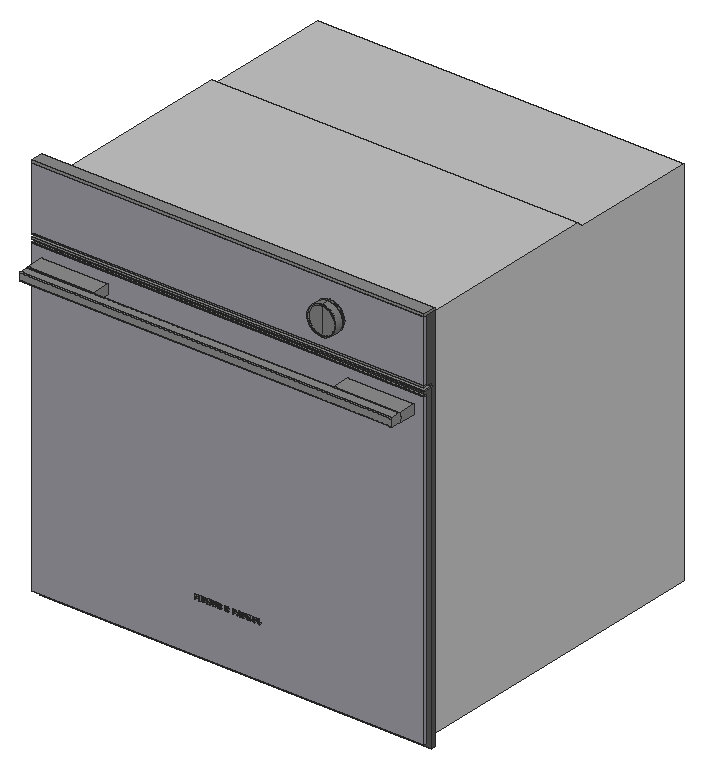
Revit family "FP-Revit19-en-OB60SM16PLG1-WallOven-0-90003130A-AU-NZ-CN-IE-UK", category Specialty Equipment, Revit 2019
Family settings
  Round Connector Dimension = Use Diameter
  Part Type = Normal
  OmniClass Number = 23.40.40.14.17.11
  OmniClass Title = Cookers, Ovens, Stoves
  Work Plane-Based = No
  Always vertical = Yes
  Cut with Voids When Loaded = Yes
  Shared = No
  Room Calculation Point = No
Parameters (values of type "OB60SM16PLG1")
  Visibility - Clearance Required = yes
  URL = "www.fisherpaykel.com"
  Product - Height = 598 mm  # constant formula
  Product - Width = 596 mm  # constant formula
  Product - Depth (Exc. Handles) = 565 mm  # constant formula
  Opening - Height = 600 mm  # constant formula
  Model = "OB60SM16PLG1"
  Material - Trim = Fisher & Paykel - Aluminium, Dark
  Material - Structure = Fisher & Paykel - Black
  Material - Handle = Fisher & Paykel - Aluminium, Dark
  Material - Glass = Fisher & Paykel - Glass, Grey
  Material - Dial = Fisher & Paykel - Aluminium, Dark, Matt
  Material - Body = Fisher & Paykel - Grey
  Manufacturer = "Fisher & Paykel Appliances"
  FFL Offset [instance] = 900 mm
  Description = "Oven, 60cm , 16 Function, Self - Cleaning"
  Connector Description - Electrical = "220-240V, 50Hz ,15A"
  Chassis - Width = 556 mm  # constant formula
  Chassis - Height = 575 mm  # constant formula
  Chassis - Depth = 545 mm  # constant formula
  Cavity - Width = 560 mm  # constant formula
  Cavity - Height = 580 mm  # constant formula
  Cavity - Depth = 550 mm  # constant formula
Reference planes
  plane 1 "Datum": y = 0
  plane 2: z = -2
  plane 3 "Center (Left/Right)": x = 0
  plane 4 "Product - LHS": x = -298
  plane 5 "Product - RHS": x = 298
  plane 6 "Cavity - RHS": x = 280
  plane 7 "FFL Offset": z = 898
  plane 8 "Chassis - Depth": y = 545
  plane 9 "Front Face": y = -20
  plane 10 "Chassis - Height": z = 1473
  plane 11 "Cavity - Height": z = 1478
  plane 12 "Opening - Height": z = 1498
  plane 13 "Cavity - LHS": x = -280
  plane 14 "Cavity - Depth": y = 550
  plane 15 "Product - Height": z = 1496
  plane 16 "Opening - RHS": x = 300
  plane 17 "Opening - LHS": x = -300
  plane 18 "Chassis - LHS": x = -278
  plane 19 "Chassis - RHS": x = 278
Forms (mm)
  Extrusion 1, solid, material "Fisher & Paykel - Grey" <- "Material - Body"
    sketch origin (0, 0, 0) x (0, 1, 0) y (0, 0, 1)
      loop
        line (0, 1473) -> (0, 898) -> (528, 898) -> (528, 1088) -> (545, 1108) -> (545, 1303) -> (498, 1358) -> (498, 1466) -> (305, 1466) -> (298, 1473) -> (0, 1473)
    from -278 to 278
  Extrusion 2, solid, material "Fisher & Paykel - Black" <- "Material - Structure", detail levels fine
    sketch origin (0, 0, 0) x (0, 1, 0) y (0, 0, 1)
      loop
        line (0, 1492.7) -> (-16, 1492.7) -> (-16, 1396) -> (-4, 1396) -> (-4, 898) -> (0, 898) -> (0, 1492.7)
    from -298 to 298
  Extrusion 3, solid, material "Fisher & Paykel - Glass, Grey" <- "Material - Glass", detail levels fine
    sketch origin (0, 0, -3) x (0, 1, 0) y (0, 0, 1)
      loop
        line (-20, 1386.4) -> (-20, 912.5) -> (-16, 912.5) -> (-16, 1386.4) -> (-20, 1386.4)
      loop
        line (-20, 1400.8) -> (-16, 1400.8) -> (-16, 1495.7) -> (-20, 1495.7) -> (-20, 1400.8)
    from -298 to 298
  Extrusion 4, solid, material "Fisher & Paykel - Black" <- "Material - Structure", detail levels fine
    sketch origin (0, 0, 0) x (0, 1, 0) y (0, 0, 1)
      loop
        line (-16, 909.5) -> (-4, 909.5) -> (-4, 1380.364) -> (-13.99, 1384) -> (-16, 1384) -> (-16, 909.5)
    from -268 to 268
  Extrusion 5, solid, material "Fisher & Paykel - Clearance Required", visible <- "Visibility - Clearance Required", detail levels coarse
    sketch origin (0, 0, -2) x (1, 0, 0) y (0, 1, 0)
      loop
        line (-280, 0) -> (280, 0) -> (280, 550) -> (-280, 550) -> (-280, 0)
    from 900 to 1480
  Extrusion 6, void
    sketch origin (0, 0, 0) x (0, 1, 0) y (0, 0, 1)
      loop
        line (-20, 898) -> (0, 898) -> (0, 1498) -> (-20, 1498) -> (-20, 898)
    from -300 to 300
  Extrusion 7, solid, material "Fisher & Paykel - Grey" <- "Material - Body"
    sketch origin (0, 2, 0) x (0, 1, 0) y (0, 0, 1)
      loop
        line (496, 1433.999) -> (496, 1376) -> (517.999, 1376) -> (517.999, 1433.999) -> (496, 1433.999)
    from -221 to -128
  Extrusion 8, solid, material "Fisher & Paykel - Aluminium, Dark" <- "Material - Trim", detail levels fine
    sketch origin (0, 0, -1.199) x (0, 1, 0) y (0, 0, 1)
      loop
        line (-16, 1397.199) -> (-16, 1398.999) -> (-20, 1398.999) -> (-20, 1397.199) -> (-16, 1397.199)
      loop
        line (-16, 1384.599) -> (-16, 1386.199) -> (-20, 1386.199) -> (-20, 1384.599) -> (-16, 1384.599)
      loop
        line (-4, 1390.799) -> (-4, 1392.399) -> (-20, 1392.399) -> (-20, 1390.799) -> (-4, 1390.799)
      loop
        line (0, 1493.899) -> (0, 1497.199) -> (-20, 1497.199) -> (-20, 1493.899) -> (0, 1493.899)
    from -298 to 298
  Extrusion 9, void
    sketch origin (0, 0, -2) x (1, 0, 0) y (0, 1, 0)
      loop
        line (201.865, 545) -> (229, 498) -> (278, 498) -> (278, 545) -> (201.865, 545)
      loop
        line (-201.865, 545) -> (-278, 545) -> (-278, 498) -> (-229, 498) -> (-201.865, 545)
    from 900 to 1480
  Extrusion 10, solid, material "Fisher & Paykel - Grey" <- "Material - Body"
    sketch origin (0, 6.626, -14.403) x (0, 1, 0) y (0, 0, 1)
      loop
        circle (501.374, 1419.388) r 5
    from -271 to -221
  Extrusion 11, void
    sketch origin (0, 0, -2) x (1, 0, 0) y (0, 1, 0)
      loop
        line (-280, 0) -> (280, 0) -> (280, 550) -> (-280, 550) -> (-280, 0)
    from 900 to 1480
  Extrusion 12, solid, material "Fisher & Paykel - Glass, Grey" <- "Material - Glass", detail levels coarse+medium
    sketch origin (0, 0, 0) x (0, 1, 0) y (0, 0, 1)
      loop
        line (0, 1496) -> (-20, 1496) -> (-20, 1396) -> (-4, 1396) -> (-4, 1391.2) -> (-4, 1380.364) -> (-13.99, 1384) -> (-16, 1384) -> (-16, 1385) -> (-20, 1385) -> (-20, 909.5) -> (-4, 909.5) -> (-4, 898) -> (0, 898) -> (0, 1496)
    from -298 to 298
  Extrusion 13, solid, material "Fisher & Paykel - Clearance Required", visible <- "Visibility - Clearance Required", detail levels coarse
    sketch origin (0, 0, -15) x (0, 1, 0) y (0, 0, 1)
      loop
        line (-20, 946.639) -> (-20, 913) -> (0, 913) -> (0, 1513) -> (-20, 1513) -> (-20, 1400)
        arc (-20, 1400) -> (-332.479, 1274.952) -> (-475.335, 970.203) r 458.415
        line (-475.335, 970.203) -> (-461.431, 969.484) -> (-463.168, 935.896) -> (-450.381, 935.235) -> (-448.645, 968.805) -> (-20, 946.639)
    from -300 to 300
Cuts and joins
  Extrusion 9 cuts Extrusion 1
Text (mm)
  text "Due to ongoing product development, product details are subject to change without notice. \nPlease always refer to www.fisherpaykel.com for the most current product information. \n© Fisher & Paykel 2020" at (41.04, -613.295, 0), in view "Ref. Level (Plan)"
Dimensions and locks
  equal spacing: plane 4 "Product - LHS", plane 3 "Center (Left/Right)", plane 5 "Product - RHS"
  "Product - Width": plane 4 "Product - LHS" to plane 5 "Product - RHS"
  "FFL Offset": plane 7 "FFL Offset" to level
  locked: plane 9 "Front Face" to plane 1 "Datum" at 20
  "Cavity - Height": plane 11 "Cavity - Height" to plane 7 "FFL Offset"
  "Chassis - Height": plane 10 "Chassis - Height" to plane 7 "FFL Offset"
  "Cavity - Depth": plane 1 "Datum" to plane 14 "Cavity - Depth"
  "Cavity - Width": plane 13 "Cavity - LHS" to plane 6 "Cavity - RHS"
  Extrusion 6 to Extrusion 3 = 11.5 mm
  "Chassis - Depth": plane 1 "Datum" to plane 8 "Chassis - Depth"
  equal spacing: plane 13 "Cavity - LHS", plane 3 "Center (Left/Right)", plane 6 "Cavity - RHS"
  "Opening - Height": plane 7 "FFL Offset" to plane 12 "Opening - Height"
  "Product - Height": plane 7 "FFL Offset" to plane 15 "Product - Height"
  equal spacing: cut or joined group of Extrusion 1, Extrusion 9, plane 3 "Center (Left/Right)", cut or joined group of Extrusion 1, Extrusion 9
  "Chassis - Width": cut or joined group of Extrusion 1, Extrusion 9 to cut or joined group of Extrusion 1, Extrusion 9
  locked: plane 15 "Product - Height" to nested 2 at 506.195
  locked: nested 1 to plane 15 "Product - Height" at 52.1
  locked: nested 3 to plane 15 "Product - Height" at 135
  aligned and locked: level to plane 2
  aligned and locked: plane 4 "Product - LHS" to Extrusion 3
  aligned and locked: Extrusion 3 to plane 5 "Product - RHS"
  aligned and locked: plane 4 "Product - LHS" to Extrusion 2
  aligned and locked: Extrusion 2 to plane 5 "Product - RHS"
  aligned and locked: Extrusion 1 to plane 7 "FFL Offset"
  aligned and locked: Extrusion 8 to plane 5 "Product - RHS"
  aligned and locked: Extrusion 8 to Extrusion 3
  aligned and locked: Extrusion 6 to Extrusion 3
  aligned and locked: Extrusion 3 to Extrusion 8
  aligned and locked: Extrusion 4 to Extrusion 3
  aligned and locked: Extrusion 4 to Extrusion 2
  aligned and locked: Extrusion 8 to plane 1 "Datum"
  aligned and locked: plane 9 "Front Face" to Extrusion 6
  aligned and locked: Extrusion 5 to plane 6 "Cavity - RHS"
  aligned and locked: Extrusion 10 to Extrusion 7
  aligned and locked: plane 11 "Cavity - Height" to Extrusion 5
  aligned and locked: Extrusion 6 to plane 12 "Opening - Height"
  aligned and locked: Extrusion 6 to Extrusion 2
  aligned and locked: Extrusion 8 to plane 15 "Product - Height"
  aligned and locked: Extrusion 8 to Extrusion 2
  aligned and locked: Extrusion 9 to Extrusion 1
  aligned and locked: Extrusion 5 to Extrusion 2
  aligned and locked: Extrusion 5 to Extrusion 9
  aligned and locked: Extrusion 5 to plane 7 "FFL Offset"
  aligned and locked: Extrusion 1 to Extrusion 9
  aligned and locked: Extrusion 12 sketch curve to plane 15 "Product - Height"
  aligned and locked: plane 11 "Cavity - Height" to Extrusion 11
  aligned and locked: Extrusion 2 to Extrusion 11
  aligned and locked: Extrusion 3 to Extrusion 2
  aligned and locked: Extrusion 2 to Extrusion 3
  aligned and locked: Extrusion 3 to Extrusion 4
  aligned and locked: Extrusion 12 to Extrusion 3
Automatic sketch dimensions
  Extrusion 1 sketch curve to plane 1 "Datum" = 0 mm
  Extrusion 1 sketch curve to plane 10 "Chassis - Height" = 0 mm
  Extrusion 1 sketch curve to plane 7 "FFL Offset" = 0 mm
  Extrusion 1 sketch curve to plane 8 "Chassis - Depth" = 0 mm
  Extrusion 1 sketch curve to Extrusion 1 sketch curve = 7 mm
  Extrusion 1 sketch curve to plane 10 "Chassis - Height" = 7 mm
  Extrusion 1 sketch curve to Extrusion 1 sketch curve = 190 mm
  Extrusion 1 sketch curve to Extrusion 1 sketch curve = 20 mm
  Extrusion 1 sketch curve to Extrusion 1 sketch curve = 163 mm
  Extrusion 1 sketch curve to Extrusion 1 sketch curve = 55 mm
  Extrusion 2 sketch curve to plane 7 "FFL Offset" = 0 mm
  Extrusion 2 sketch curve to plane 1 "Datum" = 0 mm
  plane 1 "Datum" to Extrusion 2 sketch curve = 4 mm
  Extrusion 2 sketch curve to plane 9 "Front Face" = 4 mm
  Extrusion 2 sketch curve to plane 10 "Chassis - Height" = 77 mm
  plane 15 "Product - Height" to Extrusion 2 sketch curve = 3.3 mm
  Extrusion 3 sketch curve to plane 9 "Front Face" = 0 mm  (x2)
  Extrusion 3 sketch curve to Extrusion 3 sketch curve = 4 mm  (x2)
  plane 7 "FFL Offset" to Extrusion 3 sketch curve = 11.5 mm
  Extrusion 3 sketch curve to plane 10 "Chassis - Height" = 89.6 mm
  Extrusion 3 sketch curve to Extrusion 3 sketch curve = 14.4 mm
  plane 15 "Product - Height" to Extrusion 3 sketch curve = 3.3 mm
  Extrusion 4 sketch curve to plane 9 "Front Face" = 4 mm
  Extrusion 4 sketch curve to Extrusion 4 sketch curve = 2.01 mm
  plane 1 "Datum" to Extrusion 4 sketch curve = 4 mm
  plane 7 "FFL Offset" to Extrusion 4 sketch curve = 11.5 mm
  Extrusion 4 sketch curve to plane 10 "Chassis - Height" = 92.636 mm
  Extrusion 4 sketch curve to Extrusion 4 sketch curve = 3.636 mm
  Extrusion 5 sketch curve to plane 13 "Cavity - LHS" = 0 mm
  Extrusion 5 sketch curve to plane 6 "Cavity - RHS" = 0 mm
  plane 1 "Datum" to Extrusion 5 sketch curve = 0 mm
  Extrusion 5 sketch curve to plane 14 "Cavity - Depth" = 0 mm
  Extrusion 6 sketch curve to plane 9 "Front Face" = 0 mm
  Extrusion 6 sketch curve to plane 1 "Datum" = 0 mm
  Extrusion 6 sketch curve to plane 7 "FFL Offset" = 0 mm
  plane 12 "Opening - Height" to Extrusion 6 sketch curve = 0 mm
  Extrusion 7 sketch curve to Extrusion 7 sketch curve = 21.999 mm
  Extrusion 7 sketch curve to plane 10 "Chassis - Height" = 97 mm
  Extrusion 7 sketch curve to plane 10 "Chassis - Height" = 39.001 mm
  Extrusion 8 sketch curve to plane 9 "Front Face" = 0 mm  (x4)
  Extrusion 8 sketch curve to plane 1 "Datum" = 0 mm
  plane 15 "Product - Height" to Extrusion 8 sketch curve = 0 mm
  Extrusion 8 sketch curve to Extrusion 8 sketch curve = 4 mm  (x2)
  plane 1 "Datum" to Extrusion 8 sketch curve = 4 mm
  plane 15 "Product - Height" to Extrusion 8 sketch curve = 3.3 mm
  Extrusion 8 sketch curve to plane 10 "Chassis - Height" = 75.2 mm
  Extrusion 8 sketch curve to Extrusion 8 sketch curve = 1.8 mm
  Extrusion 8 sketch curve to Extrusion 8 sketch curve = 4.8 mm
  Extrusion 8 sketch curve to Extrusion 8 sketch curve = 1.6 mm  (x2)
  Extrusion 8 sketch curve to Extrusion 8 sketch curve = 4.6 mm
  Extrusion 9 sketch curve to plane 8 "Chassis - Depth" = 0 mm  (x2)
  Extrusion 9 sketch curve to plane 18 "Chassis - LHS" = 0 mm
  Extrusion 9 sketch curve to plane 19 "Chassis - RHS" = 0 mm
  Extrusion 9 sketch curve to Extrusion 9 sketch curve = 49 mm  (x2)
  Extrusion 9 sketch curve to Extrusion 9 sketch curve = 27.135 mm
  Extrusion 9 sketch curve to Extrusion 9 sketch curve = 76.135 mm
  Extrusion 10 sketch curve to plane 10 "Chassis - Height" = 68.015 mm
  Extrusion 11 sketch curve to plane 13 "Cavity - LHS" = 0 mm
  Extrusion 11 sketch curve to plane 6 "Cavity - RHS" = 0 mm
  plane 1 "Datum" to Extrusion 11 sketch curve = 0 mm
  Extrusion 11 sketch curve to plane 14 "Cavity - Depth" = 0 mm
  Extrusion 12 sketch curve to plane 9 "Front Face" = 0 mm  (x2)
  Extrusion 12 sketch curve to plane 7 "FFL Offset" = 0 mm
  Extrusion 12 sketch curve to plane 1 "Datum" = 0 mm
  Extrusion 12 sketch curve to plane 9 "Front Face" = 4 mm
  Extrusion 12 sketch curve to Extrusion 12 sketch curve = 2.01 mm
  plane 1 "Datum" to Extrusion 12 sketch curve = 4 mm  (x2)
  plane 7 "FFL Offset" to Extrusion 12 sketch curve = 11.5 mm
  Extrusion 12 sketch curve to plane 10 "Chassis - Height" = 92.636 mm
  Extrusion 12 sketch curve to Extrusion 12 sketch curve = 3.636 mm
  Extrusion 12 sketch curve to Extrusion 12 sketch curve = 1 mm
  Extrusion 12 sketch curve to Extrusion 12 sketch curve = 10.836 mm
  Extrusion 12 sketch curve to Extrusion 12 sketch curve = 11 mm
  plane 9 "Front Face" to Extrusion 13 sketch curve = 455.335 mm
  Extrusion 13 sketch curve to Extrusion 13 sketch curve = 12.167 mm
  plane 12 "Opening - Height" to Extrusion 13 sketch curve = 543.516 mm
  Extrusion 13 sketch curve to Extrusion 13 sketch curve = 13.904 mm
  Extrusion 13 sketch curve to Extrusion 13 sketch curve = 12.787 mm
  plane 12 "Opening - Height" to Extrusion 13 sketch curve = 544.195 mm
  Extrusion 13 sketch curve to Extrusion 13 sketch curve = 12.786 mm
  plane 9 "Front Face" to Extrusion 13 sketch curve = 0 mm  (x2)
  Extrusion 13 sketch curve to Extrusion 13 sketch curve = 2.186 mm
  Extrusion 13 sketch curve to Extrusion 13 sketch curve = 20 mm
  Extrusion 13 sketch curve to Extrusion 13 sketch curve = 33.639 mm
  Extrusion 13 sketch curve to Extrusion 13 sketch curve = 5.049 mm
  Extrusion 13 sketch curve to Extrusion 13 sketch curve = 113 mm
  Extrusion 1 sketch curve to plane 8 "Chassis - Depth" = 247 mm
  Extrusion 1 sketch curve to plane 8 "Chassis - Depth" = 47 mm
  Extrusion 1 sketch curve to plane 8 "Chassis - Depth" = 17 mm
  Extrusion 7 sketch curve to plane 8 "Chassis - Depth" = 47 mm
  Extrusion 9 sketch curve to plane 8 "Chassis - Depth" = 47 mm  (x2)
  Extrusion 10 sketch curve to plane 8 "Chassis - Depth" = 37 mm
  radius of Extrusion 10 sketch curve = 5 mm
Nested families
  nested 1: "F&P Dial Minimal Oven" at (155.3, -20, 1444), type "F&P Dial Minimal Oven"
  nested 2: "F&P Logo 100mm" at (0.044, -20, 987), type "Grey"
  nested 3: "F&P Handle Contemporary Square Fine OB60-24" at (0, -20, 1361.022), type "Aluminium Black"
Connectors
  electrical at (-271, 508, 1404.985), driven by "Connector Description - Electrical"
    settings: on Extrusion 10, index 1, voltage 230 V, apparent load 0 VA, apparent load phase1 0 VA, apparent load phase2 0 VA, apparent load phase3 0 VA, power factor 1, load classification "Other", number of poles 1, system type 30, power factor state 1, is connector primary yes, connector utility yes, sub classification motor no, connector description "220-240V, 50Hz ,15A"
Definition of nested family "F&P Dial Minimal Oven"
  Parameters (values of type "F&P Dial Minimal Oven")
    URL = "www.fisherpaykel.com"
    Material - Buttons and Dials = none
    Manufacturer = "Fisher & Paykel Appliances"
  Reference planes
    plane 1 "Center (Front/Back)": y = 0
    plane 2: z = 0
    plane 3 "Center (Left/Right)": x = 0
    plane 4: x = 0
    plane 5 "Dial": z = 0
  Forms (mm)
    Revolve 1, solid, material <- "Material - Buttons and Dials", detail levels fine
      sketch origin (0, 0, 0) x (0, 1, 0) y (0, 0, 1)
        loop
          line (-15.2, 0) -> (0, 0) -> (0, 22) -> (-0.8, 22) -> (-0.8, 18.5) -> (-4.2, 18.5) -> (-4.2, 20.136) -> (-4.7, 22) -> (-15.8, 22) -> (-15.8, 21.2) -> (-15.301, 20) -> (-15.301, 0)
        axis (-15.8, 0) -> (0, 0)
      angle from 0 to 360
    Revolve 2, solid, material <- "Material - Buttons and Dials", detail levels coarse+medium
      sketch origin (0, 0, 0) x (0, 1, 0) y (0, 0, 1)
        loop
          line (0, 18.5) -> (-4.2, 18.5) -> (-4.2, 22) -> (-15.8, 22) -> (-15.8, 0) -> (0, 0) -> (0, 18.5)
        axis (-15.8, 0) -> (0, 0)
      angle from 0 to 360
  Dimensions and locks
    aligned and locked: level to plane 2
Definition of nested family "F&P Logo 100mm"
  Parameters (values of type "Grey")
    URL = "www.fisherpaykel.com"
    Material - Logo = none
    Manufacturer = "Fisher & Paykel Appliances"
  Reference planes
    plane 1 "Center (Front/Back)": y = 0
    plane 2: z = 0
    plane 3 "Center (Left/Right)": x = 0
    plane 4 "Logo": z = 2.805
  Forms (mm)
    Extrusion 1, solid, material <- "Material - Logo", detail levels fine
      sketch origin (0, 0, 0) x (1, 0, 0) y (0, 0, 1)
        loop
          line (-50.044, 0) -> (-48.47, 0) -> (-48.47, 2.138) -> (-46.011, 2.138) -> (-46.011, 3.472) -> (-48.47, 3.472) -> (-48.47, 4.712) -> (-45.795, 4.712) -> (-45.795, 6.04) -> (-50.044, 6.04) -> (-50.044, 0)
        loop
          line (-42.804, 6.04) -> (-42.804, 0) -> (-41.23, 0) -> (-41.23, 6.04) -> (-42.804, 6.04)
        loop
          line (-30.724, 6.04) -> (-30.724, 0) -> (-29.151, 0) -> (-29.151, 2.42) -> (-26.839, 2.42) -> (-26.839, 0) -> (-25.265, 0) -> (-25.265, 6.04) -> (-26.839, 6.04) -> (-26.839, 3.748) -> (-29.151, 3.748) -> (-29.151, 6.04) -> (-30.724, 6.04)
        loop
          line (-21.906, 6.04) -> (-21.906, 0) -> (-17.602, 0) -> (-17.602, 1.328) -> (-20.347, 1.328) -> (-20.347, 2.42) -> (-17.838, 2.42) -> (-17.838, 3.748) -> (-20.347, 3.748) -> (-20.347, 4.712) -> (-17.602, 4.712) -> (-17.602, 6.04) -> (-21.906, 6.04)
        loop
          line (45.667, 6.04) -> (45.667, 0) -> (49.956, 0) -> (49.956, 1.328) -> (47.241, 1.328) -> (47.241, 6.04) -> (45.667, 6.04)
        loop
          line (42.431, 6.04) -> (38.112, 6.04) -> (38.112, 0) -> (42.431, 0) -> (42.431, 1.328) -> (39.687, 1.328) -> (39.687, 2.42) -> (42.195, 2.42) -> (42.195, 3.748) -> (39.687, 3.748) -> (39.687, 4.712) -> (42.431, 4.712) -> (42.431, 6.04)
        loop
          line (33.443, 3.137) -> (35.683, 6.04) -> (33.844, 6.04) -> (31.915, 3.542) -> (31.915, 6.04) -> (30.342, 6.04) -> (30.342, 0) -> (31.915, 0) -> (31.915, 2.705) -> (33.903, 0) -> (35.747, 0) -> (33.443, 3.137)
        loop
          line (21.98, 6.04) -> (24.262, 2.42) -> (24.262, 0) -> (25.837, 0) -> (25.837, 2.341) -> (28.119, 6.04) -> (26.446, 6.04) -> (25.099, 3.707) -> (23.753, 6.04) -> (21.98, 6.04)
        loop
          line (18.479, 6.04) -> (16.983, 6.04) -> (14.524, 0) -> (16.069, 0) -> (16.501, 1.112) -> (18.786, 1.112) -> (19.219, 0) -> (20.938, 0) -> (18.479, 6.04)
        loop
          line (18.4, 2.439) -> (17.693, 4.174) -> (17.018, 2.439) -> (18.4, 2.439)
        loop
          line (8.031, 6.04) -> (8.031, 0) -> (9.605, 0) -> (9.605, 1.938) -> (10.599, 1.938)
          arc (10.599, 1.938) -> (12.65, 3.989) -> (10.599, 6.04) r 2.051
          line (10.599, 6.04) -> (8.031, 6.04)
        loop
          line (9.605, 4.712) -> (9.605, 3.197) -> (10.501, 3.197)
          arc (10.501, 3.197) -> (11.259, 3.954) -> (10.501, 4.712) r 0.757
          line (10.501, 4.712) -> (9.605, 4.712)
        loop
          line (-11.783, 6.04) -> (-14.366, 6.04) -> (-14.366, 0) -> (-12.792, 0) -> (-12.792, 1.336) -> (-11.992, 1.336) -> (-10.972, 0) -> (-9.153, 0) -> (-10.694, 1.973)
          arc (-10.694, 1.973) -> (-9.678, 4.424) -> (-11.783, 6.04) r 2.179
        loop
          line (-11.897, 4.712) -> (-12.792, 4.712) -> (-12.792, 3.053) -> (-11.897, 3.053)
          arc (-11.897, 3.053) -> (-11.068, 3.882) -> (-11.897, 4.712) r 0.83
        loop
          line (0.477, 4.712) -> (0.477, 6.153) -> (-3.575, 6.153) -> (-3.575, 4.851) -> (-2.974, 4.112)
          arc (-2.974, 4.112) -> (-3.51, 0.684) -> (-0.045, 0.512) r 2.334
          line (-0.045, 0.512) -> (0.46, -0.109) -> (2.246, -0.109) -> (0.86, 1.594) -> (2.061, 3.324) -> (0.443, 3.324) -> (-0.013, 2.667) -> (-1.677, 4.712) -> (0.477, 4.712)
        loop
          arc (-2.125, 3.068) -> (-2.269, 1.668) -> (-0.868, 1.524) r 0.996
          line (-0.868, 1.524) -> (-2.125, 3.068)
        loop
          line (-35.18, 3.634) -> (-36.516, 3.91)
          arc (-36.516, 3.91) -> (-37.049, 4.443) -> (-36.516, 4.976) r 0.533
          arc (-36.516, 4.976) -> (-35.235, 4.79) -> (-34.059, 4.248) r 4.505
          line (-34.059, 4.248) -> (-34.059, 5.743)
          arc (-34.059, 5.743) -> (-35.549, 6.179) -> (-37.1, 6.109) r 4.726
          arc (-37.1, 6.109) -> (-38.536, 4.335) -> (-37.1, 2.561) r 1.814
          line (-37.1, 2.561) -> (-35.754, 2.282)
          arc (-35.754, 2.282) -> (-35.221, 1.749) -> (-35.754, 1.216) r 0.533
          arc (-35.754, 1.216) -> (-37.035, 1.402) -> (-38.211, 1.945) r 4.505
          line (-38.211, 1.945) -> (-38.211, 0.449)
          arc (-38.211, 0.449) -> (-36.72, 0.013) -> (-35.169, 0.083) r 4.726
          arc (-35.169, 0.083) -> (-33.734, 1.863) -> (-35.18, 3.634) r 1.814
      from 0 to 0.8
  Dimensions and locks
    aligned and locked: level to plane 2
Definition of nested family "F&P Handle Contemporary Square Fine OB60-24"
  Parameters (values of type "Aluminium Black")
    URL = "www.fisherpaykel.com"
    Material - Handle = none
    Manufacturer = "Fisher & Paykel Appliances"
    Handle - Length = 565 mm
  Reference planes
    plane 1 "Center (Front/Back)": y = 0
    plane 2: z = 0
    plane 3 "Center (Left/Right)": x = 0
    plane 4 "Product LHS": x = -282.5
    plane 5 "Product RHS": x = 282.5
    plane 6 "LHS Standoff": x = -182.495
    plane 7 "RHS Standoff": x = 182.505
    plane 8 "Handle centre": z = -0.022
    plane 9: z = -0.022
  Forms (mm)
    Extrusion 1, solid, material <- "Material - Handle", detail levels fine
      sketch origin (0, 0, 0) x (0, 1, 0) y (0, 0, 1)
        loop
          arc (-26.813, 6.16) -> (-27.196, 6.554) -> (-27.728, 6.686) r 1
          line (-27.728, 6.686) -> (-40.035, 6.256)
          arc (-40.035, 6.256) -> (-40.719, 5.951) -> (-41, 5.257) r 1
          line (-41, 5.257) -> (-41, -5.257)
          arc (-41, -5.257) -> (-40.719, -5.951) -> (-40.035, -6.256) r 1
          line (-40.035, -6.256) -> (-27.709, -6.686)
          arc (-27.709, -6.686) -> (-27.175, -6.554) -> (-26.792, -6.158) r 1
          arc (-26.792, -6.158) -> (-25.256, 0.004) -> (-26.813, 6.16) r 13.038
      from -282.5 to 282.5
    Extrusion 2, solid, material <- "Material - Handle", detail levels fine
      sketch origin (0, 0, 0) x (0, 1, 0) y (0, 0, 1)
        loop
          arc (-26.626, -6.008) -> (-26.614, -6.49) -> (-26.2, -6.737) r 0.5
          line (-26.2, -6.737) -> (0, -7.696) -> (0, 7.704) -> (-26.174, 6.747)
          arc (-26.174, 6.747) -> (-26.587, 6.5) -> (-26.6, 6.019) r 0.5
          arc (-26.6, 6.019) -> (-25.156, 0.002) -> (-26.626, -6.008) r 13.136
      from 182.505 to 282.5
    Extrusion 3, solid, material <- "Material - Handle", detail levels coarse+medium
      sketch origin (0, 0, 0) x (1, 0, 0) y (0, 1, 0)
        loop
          line (-282.5, -42) -> (282.5, -42) -> (282.5, 0) -> (182.505, 0) -> (182.505, -26.156) -> (-182.495, -26.156) -> (-182.495, 0) -> (-282.5, 0) -> (-282.5, -42)
      from -8.022 to 7.978
    Extrusion 4, solid, material <- "Material - Handle", detail levels fine
      sketch origin (0, 0, 0) x (0, 1, 0) y (0, 0, 1)
        loop
          arc (-26.626, -6.008) -> (-26.614, -6.49) -> (-26.2, -6.737) r 0.5
          line (-26.2, -6.737) -> (0, -7.696) -> (0, 7.704) -> (-26.174, 6.747)
          arc (-26.174, 6.747) -> (-26.587, 6.5) -> (-26.6, 6.019) r 0.5
          arc (-26.6, 6.019) -> (-25.156, 0.002) -> (-26.626, -6.008) r 13.136
      from -282.5 to -182.495
  Dimensions and locks
    equal spacing: plane 4 "Product LHS", plane 3 "Center (Left/Right)", plane 5 "Product RHS"
    "Handle - Length": plane 4 "Product LHS" to plane 5 "Product RHS"
    locked: plane 4 "Product LHS" to plane 6 "LHS Standoff" at 100.005
    locked: plane 7 "RHS Standoff" to plane 5 "Product RHS" at 99.995
    aligned and locked: level to plane 2
    aligned and locked: Extrusion 1 to plane 5 "Product RHS"
    aligned and locked: plane 4 "Product LHS" to Extrusion 1
    aligned and locked: Extrusion 2 to plane 5 "Product RHS"
    aligned and locked: plane 4 "Product LHS" to Extrusion 3 sketch curve
    aligned and locked: Extrusion 3 sketch curve to plane 5 "Product RHS"
    aligned and locked: Extrusion 3 sketch curve to plane 7 "RHS Standoff"
    aligned and locked: plane 6 "LHS Standoff" to Extrusion 3 sketch curve
    aligned and locked: plane 4 "Product LHS" to Extrusion 4
    aligned and locked: plane 6 "LHS Standoff" to Extrusion 4
    aligned and locked: Extrusion 2 to plane 7 "RHS Standoff"
  Automatic sketch dimensions
    Extrusion 1 sketch curve to level = 5.257 mm
    plane 1 "Center (Front/Back)" to Extrusion 1 sketch curve = 41 mm
    level to Extrusion 1 sketch curve = 6.256 mm
    Extrusion 1 sketch curve to Extrusion 1 sketch curve = 0.965 mm  (x2)
    Extrusion 1 sketch curve to level = 6.256 mm
    Extrusion 1 sketch curve to Extrusion 1 sketch curve = 0.035 mm  (x3)
    Extrusion 1 sketch curve to level = 0.018 mm
    Extrusion 1 sketch curve to Extrusion 1 sketch curve = 1.706 mm
    level to Extrusion 1 sketch curve = 6.686 mm
    Extrusion 1 sketch curve to Extrusion 1 sketch curve = 12.307 mm
    Extrusion 1 sketch curve to level = 6.686 mm
    Extrusion 1 sketch curve to Extrusion 1 sketch curve = 12.326 mm
    Extrusion 1 sketch curve to Extrusion 1 sketch curve = 0.999 mm  (x2)
    Extrusion 1 sketch curve to Extrusion 1 sketch curve = 0 mm
    Extrusion 2 sketch curve to plane 1 "Center (Front/Back)" = 0 mm
    level to Extrusion 2 sketch curve = 6.247 mm
    plane 1 "Center (Front/Back)" to Extrusion 2 sketch curve = 26.155 mm
    level to Extrusion 2 sketch curve = 6.747 mm
    Extrusion 2 sketch curve to Extrusion 2 sketch curve = 0.018 mm  (x2)
    Extrusion 2 sketch curve to level = 6.238 mm
    Extrusion 2 sketch curve to Extrusion 2 sketch curve = 0.026 mm
    Extrusion 2 sketch curve to level = 6.737 mm
    level to Extrusion 2 sketch curve = 0.03 mm
    Extrusion 2 sketch curve to Extrusion 2 sketch curve = 12.11 mm
    Extrusion 2 sketch curve to level = 7.696 mm
    level to Extrusion 2 sketch curve = 7.704 mm
    Extrusion 2 sketch curve to Extrusion 2 sketch curve = 0 mm
    plane 1 "Center (Front/Back)" to Extrusion 3 sketch curve = 42 mm
    Extrusion 3 sketch curve to Extrusion 3 sketch curve = 15.844 mm
    Extrusion 3 sketch curve to Extrusion 3 sketch curve = 26.156 mm  (x2)
    level to Extrusion 4 sketch curve = 0.03 mm
    plane 1 "Center (Front/Back)" to Extrusion 4 sketch curve = 38.291 mm
    Extrusion 4 sketch curve to level = 6.737 mm
    Extrusion 4 sketch curve to Extrusion 4 sketch curve = 12.091 mm
    Extrusion 4 sketch curve to Extrusion 4 sketch curve = 0.018 mm  (x2)
    level to Extrusion 4 sketch curve = 6.747 mm
    Extrusion 4 sketch curve to Extrusion 4 sketch curve = 0.008 mm
    level to Extrusion 4 sketch curve = 7.704 mm
    Extrusion 4 sketch curve to Extrusion 4 sketch curve = 26.174 mm
    Extrusion 4 sketch curve to level = 7.696 mm
    Extrusion 4 sketch curve to Extrusion 4 sketch curve = 0.5 mm  (x2)
    Extrusion 4 sketch curve to Extrusion 4 sketch curve = 0 mm
